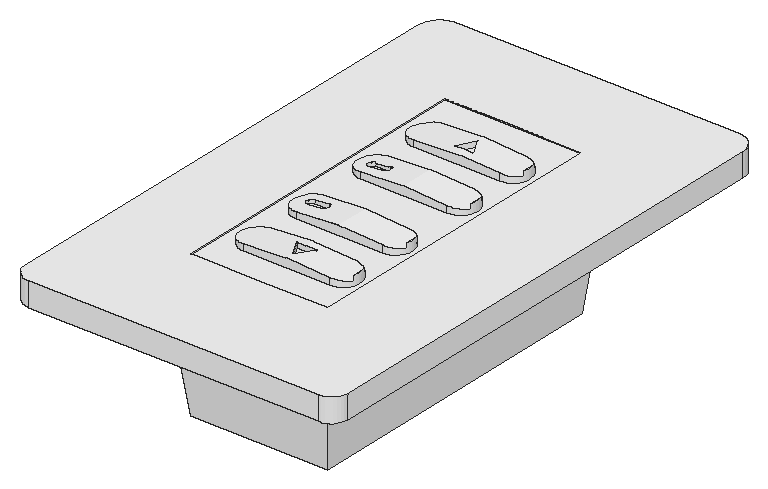
Revit family "LVSD", category Communication Devices, host Face, Revit 2014
Parameters (values of type "LVSD")
  Warranty = "5-Years Warranty"  # constant formula
  Type Comments = "Low Voltage Dimming Wall Switch"  # constant formula
  Product Page URL = "https://www.hubbell.com/hubbellcontrolsolutions/en/Products/Lighting-Controls/Lighting-Controls-Sensors/Wallbox-Devices/Low-Voltage-Dimming-Wall-Switch/p/2831253"
  Product Documentation Link = "https://hubbellcdn.com/specsheet/1802A_LVSD_Spec%20Sheet_.pdf"
  URL = "https://www.hubbell.com/hubbellcontrolsolutions/en"
  Operating Environment = "Indoor use only\r\nOperating temperature: 32°to 122°F (0° to 50°C)\r\nRelative humidity (non-condensing): 10% to 90%"  # constant formula
  Model = "LVSD"  # constant formula
  Manufacturer = "Hubbell Control Solutions"  # constant formula
  Width = 2.75"
  Features = "Attractive, architecturally-pleasing decorator style design\r\n• Gang-able with other decorator type devices\r\n• Momentary version\r\n• Latching version\r\n• Combination Momentary and Latching version\r\n• Works will all HCS Control and Auxiliary packs\r\n• Pilot light function supported\r\n• Provides 0-10V dimming control\r\n• Low Voltage device: 24VDC\r\n• Five-year limited warranty"  # constant formula
  Black = Paint - Hubbell - Carbon Black
  Height = 4.50"
  White = Paint - Hubbell - Matte White
  Description = "The Low Voltage dimmable switch station will provide manual control and 0-10V dimming for stand-alone applications. The Low Voltage dimmable switch station will also provide the customer with the opportunity to bring an already Hubbell Control Solutions (HCS) project that utilizes stand-alone control packs and sensors to upgrade and install LED dimmable fixtures.Momentary, latching and a combination version containing a momentary and latching button provide flexibility to be used with our occupancy or vacancy control packs or a combination of both types."  # constant formula
  Default Elevation = 48.00"
  Copyright = "Copyright © 2021 Hubbell Control Solutions"  # constant formula
  Contact Us = "https://www.hubbell.com/hubbellcontrolsolutions/en/contactUs"
  Assembly Code = "D5090"
  1 = yes
Reference planes (in)
  plane 1 "Center (Front/Back)": y = 13.01342
  plane 2: z = 0
  plane 3 "Center (Left/Right)": x = 0
  plane 4: x = -1.375
  plane 5: x = 1.375
  plane 6: y = 15.26342
  plane 7: y = 10.76342
  plane 8: z = -1.35
  plane 9: z = 0.3
Forms (in)
  Extrusion 1, solid, material "Paint - Hubbell - Matte White" <- "White"
    sketch origin (0, 0, -0.5) x (1, 0, 0) y (0, 1, 0)
      loop
        arc (-1.17464, 15.26342) -> (-1.31632, 15.20473) -> (-1.375, 15.06306) r 0.20036
        line (-1.375, 15.06306) -> (-1.375, 10.91856)
        arc (-1.375, 10.91856) -> (-1.32956, 10.80886) -> (-1.21986, 10.76342) r 0.15514
        line (-1.21986, 10.76342) -> (1.23768, 10.76342)
        arc (1.23768, 10.76342) -> (1.33478, 10.80364) -> (1.375, 10.90074) r 0.13732
        line (1.375, 10.90074) -> (1.375, 15.08233)
        arc (1.375, 15.08233) -> (1.32196, 15.21038) -> (1.19391, 15.26342) r 0.18109
        line (1.19391, 15.26342) -> (-1.17464, 15.26342)
    from 0.6 to 0.4
  Extrusion 2, solid, material "Paint - Hubbell - Matte White" <- "White"
    sketch origin (0, 0, 0) x (1, 0, 0) y (0, 1, 0)
      loop
        line (-0.61252, 14.41205) -> (-0.61252, 11.71709) -> (0, 11.71709) -> (0.55202, 11.71709) -> (0.55202, 14.41205) -> (0, 14.41205) -> (-0.61252, 14.41205)
    from 0.23534 to 0.1
  Extrusion 3, void
    sketch origin (0, 13.01342, 0) x (1, 0, 0) y (0, 0, 1)
      loop
        line (-0.61314, 0.45345) -> (-0.61314, 0.0923)
        arc (-0.61314, 0.0923) -> (-0.03211, 0.07642) -> (0.54898, 0.09016) r 11.40207
        line (0.54898, 0.09016) -> (0.54898, 0.45345) -> (-0.61314, 0.45345)
    from 1.29633 to -1.39863
  Blend 4, solid, material "Paint - Hubbell - Matte White" <- "White"
    base sketch origin (0, 0, 0) x (1, 0, 0) y (0, 1, 0)
      loop
        line (-0.73509, 14.56519) -> (-0.73509, 11.56519) -> (0.66835, 11.56519) -> (0.66835, 14.56519) -> (-0.73509, 14.56519)
    top sketch origin (0, 0, 0) x (1, 0, 0) y (0, 1, 0)
      loop
        line (-0.61252, 14.41205) -> (-0.61252, 11.71709) -> (0.55202, 11.71709) -> (0.55202, 14.41205) -> (-0.61252, 14.41205)
    from 0 to -1.12608
  Extrusion 5, solid, material "Paint - Hubbell - Matte White" <- "White", visible <- "1"
    sketch origin (0, 26.64403, -0.17578) x (1, 0, 0) y (0, 1, 0)
      loop
        line (-0.36532, -13.43008) -> (0.36532, -13.43008)
        arc (0.36532, -13.43008) -> (0.5069, -13.28851) -> (0.36532, -13.14693) r 0.14158
        line (0.36532, -13.14693) -> (-0.36532, -13.14693)
        arc (-0.36532, -13.14693) -> (-0.5069, -13.28851) -> (-0.36532, -13.43008) r 0.14158
    from 0.35493 to 0.27578
  Extrusion 6, void
    sketch origin (0, 13.44311, -0.15625) x (1, 0, 0) y (0, 0, -1)
      loop
        line (-0.51828, -0.93634) -> (0.49658, -0.93634) -> (0.49658, -0.29405)
        arc (0.49658, -0.29405) -> (-0.01101, -0.33338) -> (-0.51828, -0.29021) r 3.14149
        line (-0.51828, -0.29021) -> (-0.51828, -0.93634)
    from 0.07779 to -0.22916
  Extrusion 7, void
    sketch origin (0, 26.08934, 0) x (1, 0, 0) y (0, 1, 0)
      loop
        line (-0.36736, -12.78896) -> (-0.24698, -12.78896)
        arc (-0.24698, -12.78896) -> (-0.20893, -12.7509) -> (-0.24698, -12.71285) r 0.03805
        line (-0.24698, -12.71285) -> (-0.36736, -12.71285)
        arc (-0.36736, -12.71285) -> (-0.40541, -12.7509) -> (-0.36736, -12.78896) r 0.03805
    from 0.19737 to 0.12851
  Extrusion 8, solid, material "Paint - Hubbell - Matte White" <- "White", visible <- "1"
    sketch origin (0, 27.20339, -0.17578) x (1, 0, 0) y (0, 1, 0)
      loop
        line (-0.36532, -13.43008) -> (0.36532, -13.43008)
        arc (0.36532, -13.43008) -> (0.5069, -13.28851) -> (0.36532, -13.14693) r 0.14158
        line (0.36532, -13.14693) -> (-0.36532, -13.14693)
        arc (-0.36532, -13.14693) -> (-0.5069, -13.28851) -> (-0.36532, -13.43008) r 0.14158
    from 0.35493 to 0.27578
  Extrusion 9, void
    sketch origin (0, 14.00247, -0.15625) x (1, 0, 0) y (0, 0, -1)
      loop
        line (-0.51828, -0.93634) -> (0.49658, -0.93634) -> (0.49658, -0.29405)
        arc (0.49658, -0.29405) -> (-0.01101, -0.33338) -> (-0.51828, -0.29021) r 3.14149
        line (-0.51828, -0.29021) -> (-0.51828, -0.93634)
    from 0.07779 to -0.22916
  Extrusion 10, void
    sketch origin (0, 26.66432, 0) x (1, 0, 0) y (0, 1, 0)
      loop
        line (0.08426, -12.81631) -> (0, -12.67037) -> (-0.08426, -12.81631) -> (0.08426, -12.81631)
    from 0.19737 to 0.12851
  Extrusion 11, solid, material "Paint - Hubbell - Matte White" <- "White", visible <- "1"
    sketch origin (0, -0.6172, -0.17578) x (1, 0, 0) y (0, 1, 0)
      loop
        arc (-0.36532, 13.43008) -> (-0.5069, 13.28851) -> (-0.36532, 13.14693) r 0.14158
        line (-0.36532, 13.14693) -> (0.36532, 13.14693)
        arc (0.36532, 13.14693) -> (0.5069, 13.28851) -> (0.36532, 13.43008) r 0.14158
        line (0.36532, 13.43008) -> (-0.36532, 13.43008)
    from 0.35493 to 0.27578
  Extrusion 12, void
    sketch origin (0, 12.58372, -0.15625) x (1, 0, 0) y (0, 0, 1)
      loop
        line (-0.51828, 0.93634) -> (-0.51828, 0.29021)
        arc (-0.51828, 0.29021) -> (-0.01101, 0.33338) -> (0.49658, 0.29405) r 3.14149
        line (0.49658, 0.29405) -> (0.49658, 0.93634) -> (-0.51828, 0.93634)
    from 0.07779 to -0.22916
  Extrusion 13, void
    sketch origin (0, -0.0625, 0) x (1, 0, 0) y (0, 1, 0)
      loop
        arc (-0.36736, 12.78896) -> (-0.40541, 12.7509) -> (-0.36736, 12.71285) r 0.03805
        line (-0.36736, 12.71285) -> (-0.24698, 12.71285)
        arc (-0.24698, 12.71285) -> (-0.20893, 12.7509) -> (-0.24698, 12.78896) r 0.03805
        line (-0.24698, 12.78896) -> (-0.36736, 12.78896)
    from 0.19737 to 0.12851
  Extrusion 14, solid, material "Paint - Hubbell - Matte White" <- "White", visible <- "1"
    sketch origin (0, -1.17655, -0.17578) x (1, 0, 0) y (0, 1, 0)
      loop
        arc (-0.36532, 13.43008) -> (-0.5069, 13.28851) -> (-0.36532, 13.14693) r 0.14158
        line (-0.36532, 13.14693) -> (0.36532, 13.14693)
        arc (0.36532, 13.14693) -> (0.5069, 13.28851) -> (0.36532, 13.43008) r 0.14158
        line (0.36532, 13.43008) -> (-0.36532, 13.43008)
    from 0.35493 to 0.27578
  Extrusion 15, void
    sketch origin (0, 12.02437, -0.15625) x (1, 0, 0) y (0, 0, 1)
      loop
        line (-0.51828, 0.93634) -> (-0.51828, 0.29021)
        arc (-0.51828, 0.29021) -> (-0.01101, 0.33338) -> (0.49658, 0.29405) r 3.14149
        line (0.49658, 0.29405) -> (0.49658, 0.93634) -> (-0.51828, 0.93634)
    from 0.07779 to -0.22916
  Extrusion 16, void
    sketch origin (0, 0, 0) x (1, 0, 0) y (0, 1, 0)
      loop
        line (0.08426, 12.17883) -> (-0.08426, 12.17883) -> (0, 12.03288) -> (0.08426, 12.17883)
    from 0.21419 to 0.12851
Cuts and joins
  Extrusion 3 cuts Extrusion 1
  Extrusion 3 cuts Extrusion 2
  joined: Extrusion 1, Extrusion 2
  Extrusion 6, Extrusion 7, Extrusion 9, Extrusion 10, Extrusion 12, Extrusion 13 cuts Extrusion 5
  Extrusion 9, Extrusion 10, Extrusion 15 cuts Extrusion 8
  Extrusion 12, Extrusion 13 cuts Extrusion 11
  Extrusion 15, Extrusion 16 cuts Extrusion 14
Dimensions and locks (in)
  plane 2 to plane 8 = 1.35"
  "Width": plane 4 to plane 5
  equal spacing: plane 4, plane 3 "Center (Left/Right)", plane 5
  "Height": plane 7 to plane 6
  equal spacing: plane 7, plane 1 "Center (Front/Back)", plane 6
  plane 9 to plane 8 = 1.65"
  aligned and locked: plane 2 to host face
  aligned and locked: level to host face
Automatic sketch dimensions
  host sketch curve to host sketch curve = 96.00"  (x2)
  Extrusion 1 sketch curve to plane 4 = 0.00"
  plane 7 to Extrusion 1 sketch curve = 0.00"
  plane 6 to Extrusion 1 sketch curve = 0.00"
  Extrusion 1 sketch curve to plane 5 = 0.00"
  plane 4 to Extrusion 1 sketch curve = 0.15514"
  plane 4 to Extrusion 1 sketch curve = 0.20036"
  Extrusion 1 sketch curve to Extrusion 1 sketch curve = 0.18109"
  Extrusion 1 sketch curve to plane 5 = 0.13732"
  Extrusion 2 sketch curve to plane 3 "Center (Left/Right)" = 0.00"  (x2)
  Extrusion 2 sketch curve to plane 3 "Center (Left/Right)" = 0.61252"
  Extrusion 2 sketch curve to Extrusion 2 sketch curve = 0.55202"
  Extrusion 2 sketch curve to plane 7 = 0.95367"
  plane 6 to Extrusion 2 sketch curve = 0.85137"
  level to Extrusion 3 sketch curve = 0.0923"
  Extrusion 3 sketch curve to plane 3 "Center (Left/Right)" = 0.61314"
  Extrusion 3 sketch curve to plane 3 "Center (Left/Right)" = 0.01115"
  level to Extrusion 3 sketch curve = 0.09016"
  plane 3 "Center (Left/Right)" to Extrusion 3 sketch curve = 0.54898"
  Extrusion 3 sketch curve to plane 9 = 0.15345"
  plane 4 to Blend 4 sketch curve = 0.63991"
  plane 3 "Center (Left/Right)" to Blend 4 sketch curve = 0.66835"
  Blend 4 sketch curve to plane 7 = 0.80177"
  plane 6 to Blend 4 sketch curve = 0.69823"
  Blend 4 sketch curve to plane 3 "Center (Left/Right)" = 0.61252"
  plane 3 "Center (Left/Right)" to Blend 4 sketch curve = 0.55202"
  Blend 4 sketch curve to plane 7 = 0.95367"
  plane 6 to Blend 4 sketch curve = 0.85137"
  Extrusion 5 sketch curve to plane 1 "Center (Front/Back)" = 0.20053"
  Extrusion 5 sketch curve to plane 3 "Center (Left/Right)" = 0.36532"
  plane 3 "Center (Left/Right)" to Extrusion 5 sketch curve = 0.36532"
  Extrusion 5 sketch curve to Extrusion 5 sketch curve = 0.14158"
  level to Extrusion 6 sketch curve = 0.13396"
  Extrusion 6 sketch curve to plane 3 "Center (Left/Right)" = 0.51828"
  plane 3 "Center (Left/Right)" to Extrusion 6 sketch curve = 0.00087"
  level to Extrusion 6 sketch curve = 0.1378"
  plane 3 "Center (Left/Right)" to Extrusion 6 sketch curve = 0.49658"
  Extrusion 6 sketch curve to plane 9 = 0.48009"
  plane 3 "Center (Left/Right)" to Extrusion 7 sketch curve = 0.36736"
  Extrusion 7 sketch curve to Extrusion 7 sketch curve = 0.12037"
  plane 1 "Center (Front/Back)" to Extrusion 7 sketch curve = 0.36307"
  Extrusion 7 sketch curve to Extrusion 7 sketch curve = 0.03805"
  Extrusion 8 sketch curve to plane 3 "Center (Left/Right)" = 0.36532"
  plane 3 "Center (Left/Right)" to Extrusion 8 sketch curve = 0.36532"
  Extrusion 8 sketch curve to plane 1 "Center (Front/Back)" = 0.75989"
  Extrusion 8 sketch curve to Extrusion 8 sketch curve = 0.14158"
  level to Extrusion 9 sketch curve = 0.13396"
  Extrusion 9 sketch curve to plane 3 "Center (Left/Right)" = 0.51828"
  plane 3 "Center (Left/Right)" to Extrusion 9 sketch curve = 0.00087"
  level to Extrusion 9 sketch curve = 0.1378"
  plane 3 "Center (Left/Right)" to Extrusion 9 sketch curve = 0.49658"
  Extrusion 9 sketch curve to plane 9 = 0.48009"
  plane 1 "Center (Front/Back)" to Extrusion 11 sketch curve = 0.20053"
  Extrusion 11 sketch curve to plane 3 "Center (Left/Right)" = 0.36532"
  plane 3 "Center (Left/Right)" to Extrusion 11 sketch curve = 0.36532"
  Extrusion 11 sketch curve to Extrusion 11 sketch curve = 0.14158"
  level to Extrusion 12 sketch curve = 0.13396"
  Extrusion 12 sketch curve to plane 3 "Center (Left/Right)" = 0.51828"
  plane 3 "Center (Left/Right)" to Extrusion 12 sketch curve = 0.00087"
  level to Extrusion 12 sketch curve = 0.1378"
  plane 3 "Center (Left/Right)" to Extrusion 12 sketch curve = 0.49658"
  Extrusion 12 sketch curve to plane 9 = 0.48009"
  Extrusion 13 sketch curve to plane 3 "Center (Left/Right)" = 0.36736"
  Extrusion 13 sketch curve to Extrusion 13 sketch curve = 0.12037"
  plane 1 "Center (Front/Back)" to Extrusion 13 sketch curve = 0.36307"
  Extrusion 13 sketch curve to Extrusion 13 sketch curve = 0.03805"
  Extrusion 14 sketch curve to plane 3 "Center (Left/Right)" = 0.36532"
  plane 3 "Center (Left/Right)" to Extrusion 14 sketch curve = 0.36532"
  plane 1 "Center (Front/Back)" to Extrusion 14 sketch curve = 1.04304"
  Extrusion 14 sketch curve to Extrusion 14 sketch curve = 0.14158"
  level to Extrusion 15 sketch curve = 0.13396"
  Extrusion 15 sketch curve to plane 3 "Center (Left/Right)" = 0.51828"
  plane 3 "Center (Left/Right)" to Extrusion 15 sketch curve = 0.00087"
  level to Extrusion 15 sketch curve = 0.1378"
  plane 3 "Center (Left/Right)" to Extrusion 15 sketch curve = 0.49658"
  Extrusion 15 sketch curve to plane 9 = 0.48009"
  Extrusion 10 sketch curve to plane 3 "Center (Left/Right)" = 0.00"
  plane 3 "Center (Left/Right)" to Extrusion 10 sketch curve = 0.08426"
  Extrusion 10 sketch curve to plane 3 "Center (Left/Right)" = 0.08426"
  plane 1 "Center (Front/Back)" to Extrusion 10 sketch curve = 0.98054"
  Extrusion 10 sketch curve to Extrusion 10 sketch curve = 0.14594"
  Extrusion 16 sketch curve to plane 3 "Center (Left/Right)" = 0.00"
  Extrusion 16 sketch curve to plane 3 "Center (Left/Right)" = 0.08426"
  plane 3 "Center (Left/Right)" to Extrusion 16 sketch curve = 0.08426"
  plane 1 "Center (Front/Back)" to Extrusion 16 sketch curve = 0.98054"
  Extrusion 16 sketch curve to Extrusion 16 sketch curve = 0.14594"
Connectors (in)
  electrical at (0.00464, 13.0023, 0.1)
    settings: on cut or joined group of Extrusion 1, Extrusion 2, Extrusion 3, index 1, voltage 0 V, apparent load 0 VA, apparent load phase1 0 VA, apparent load phase2 0 VA, apparent load phase3 0 VA, power factor 1, load classification "Other", number of poles 1, system type 14, power factor state 1, is connector primary yes, connector utility no, sub classification motor no, connector description "Low Voltage Wall Switch"
